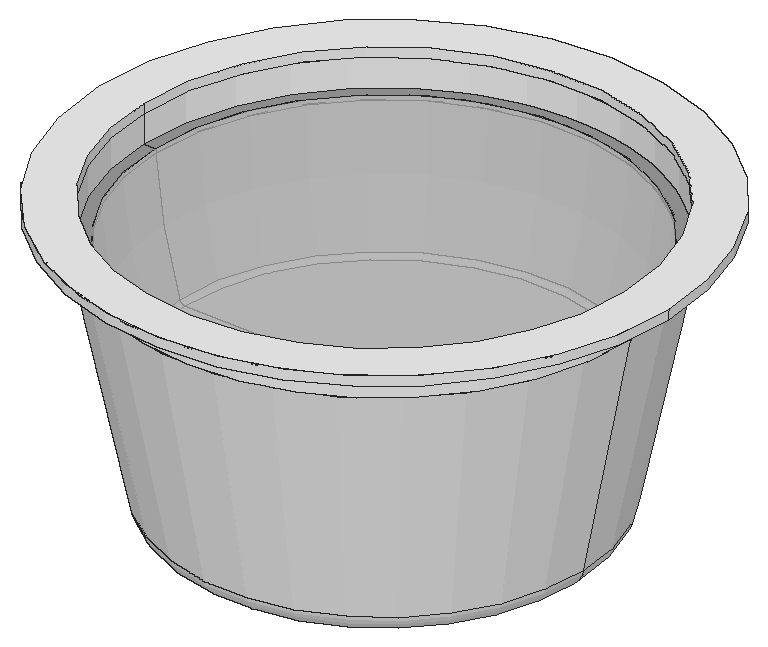
Revit family "2059212 Lighting Fixture_Sylvania_Ascent 100 Deco(160)-Very High Output_Ceiling Recessed", category Lighting Fixtures, host Face, Revit 2017
Family settings
  Host = Face
  Round Connector Dimension = Use Diameter
  Part Type = Normal
  OmniClass Number = 23.80.70.11.17
  OmniClass Title = Specialized Lighting by Location or Use
  Cut with Voids When Loaded = No
  Light Source = Yes
  Shared = No
  Room Calculation Point = No
Parameters (values of type "Asct100 Deco VHO 3K STDEMG 160")
  Reflector Radius = Radius - 14.5 mm  # 80.0 mm
  Reflector Material = Aluminium_Sylvania_Ascent_Silver
  Radius = 94.5 mm
  Life = "50 000h"  # constant formula
  IP Rating = "IP44"  # constant formula
  IK Rating = "IK02"  # constant formula
  Height = 94.0 mm
  Wattage = 1.47564 W
  built-in parameter 1150110 = 1 (stored number, unit not read)
  Voltage Comments = "UNV (Universal Voltage; 220-240 Volt)"  # constant formula
  Voltage = 240 V  # constant formula
  URL = "https://www.sylvania-lighting.com/"
  built-in parameter 1114217 = 1 (stored number, unit not read)
  Tilt Angle = -90°
  built-in parameter 1150109 = 1 (stored number, unit not read)
  built-in parameter 1150134 = (empty or 0)
  built-in parameter 1150113 = 1 (stored number, unit not read)
  Product Page URL = "https://www.sylvania-lighting.com/product/en-int/products/2059212"
  Product Family = "Ascent 100 Deco (160) - Very High Output"  # constant formula
  Photometry Comments = ""
  Photometric Web File = "2059212_Asct100DecoVHO3KSTDEMG160-190134.ies"
  Glow Wire Test = 850 °C
  Emit from Circle Diameter = 2 * Diffuser Radius  # 152.0 mm
  Emit Shape Visible in Rendering = no
  Drive Current = "1000mA"  # constant formula
  Diffuser Radius = Reflector Radius - 4.0 mm  # 76.0 mm
  Diffuser Material = Polycarbonate_Sylvania_Ascent_Clear
  Diameter = 2 * Radius  # 189.0 mm
  Cutout Diameter = Diameter - 11.0 mm  # 178.0 mm
  built-in parameter 1114216 [instance] = 1 (stored number, unit not read)
  Model = "Asct100 Deco VHO 3K STDEMG 160"
  Manufacturer = "Feilo-Sylvania Group"
  built-in parameter 1150105 = 74.656 (stored number, unit not read)
  Lumens = 159 lm
  built-in parameter 1150115 = 1 (stored number, unit not read)
  built-in parameter 1150137 = (empty or 0)
  built-in parameter 1150139 = (empty or 0)
  built-in parameter 1150112 = 1 (stored number, unit not read)
  built-in parameter 1150114 = 1 (stored number, unit not read)
  Lamp = "Integrated LED"
  built-in parameter 1150132 = 2
  built-in parameter 1150102 = (empty or 0)
  built-in parameter 1150107 = 3000 (stored number, unit not read)
  built-in parameter 1150138 = (empty or 0)
  built-in parameter 1150106 = 0.74656 (stored number, unit not read)
  Body Material = Aluminum_Sylvania_Ascent_White
  built-in parameter 1150104 = 10.01 (stored number, unit not read)
  Dimming Lamp Color Temperature Shift = <None>
  Description = "Direct LED retro fit for original LED 100 Deco (160) single CFL lamp offering Matching lumen levels and improved light distribution of original LED 100 CFL lamp equivalents Typically half the power consumption compared to CFL Up to 112lm/W 160mm aperture Decorative reflector accepts snap fit polycarbonate accessories from existing LED 100 Deco 160 offering New kometa accessory ring creates a diffused indirect halo of light onto the ceiling for decorative effect HE, HO and VHO versions equivalent of single 1 x 18W, 1 x 32W, 1 x 42W Additional VVHO versions which offer the performance circa 2 x 32W equivalent"  # constant formula
  Default Elevation = 0.0 mm
  Color Filter = 16777215
  Catalog Number = "2059212 Asct100 Deco VHO 3K STDEMG 160"
  built-in parameter 1140040 [instance] = 1
  built-in parameter 1114218 = 1 (stored number, unit not read)
  built-in parameter 1150133 = 10 (stored number, unit not read)
  Assembly Code = "D5020200"
  Apparent Load Comments = ""
  Apparent Load = 25 VA
  Aperture = 2 * Reflector Radius  # 160.0 mm
Reference planes
  plane 1 "Center (Front/Back)": y = 0
  plane 2: z = 0
  plane 3 "Center (Left/Right)": x = 0
  plane 4 "Fixture Bottom": z = 3
  plane 5: z = -53.5
  plane 6 "Fixture Top": z = -91
  plane 7: z = -9
  plane 8: z = -10.5
Forms (mm)
  Extrusion 1, solid, material "Aluminum_Sylvania_Ascent_White" <- "Body Material", detail levels fine
    sketch origin (0, 0, 0) x (1, 0, 0) y (0, 1, 0)
      loop
        circle (0, 0) r 94.5
      loop
        circle (0, 0) r 80
    from 0 to 3
  Extrusion 2, void
    sketch origin (0, 0, 0) x (1, 0, 0) y (0, 1, 0)
      loop
        circle (0, 0) r 89
    from -91 to 3
  Revolve 3, solid, material "Aluminum_Sylvania_Ascent_White" <- "Body Material", detail levels fine
    sketch origin (0, 0, 0) x (1, 0, 0) y (0, 0, 1)
      loop
        line (0, -89) -> (-58.456, -89)
        arc (-58.456, -89) -> (-62.232, -87.663) -> (-64.324, -84.247) r 6
        line (-64.324, -84.247) -> (-80, -10.5) -> (-80, 0) -> (-82.009, 0) -> (-82.009, -10.5) -> (-66.245, -84.663)
        arc (-66.245, -84.663) -> (-63.454, -89.217) -> (-58.42, -91) r 8
        line (-58.42, -91) -> (0, -91) -> (0, -89)
      axis (0, 0) -> (0, -91)
    angle from 0 to 360
  Revolve 4, solid, material "Aluminium_Sylvania_Ascent_Silver" <- "Reflector Material", detail levels fine
    sketch origin (0, 0, 0) x (1, 0, 0) y (0, 0, 1)
      loop
        line (-80, -9) -> (-80, -10.5) -> (-77, -10.5)
        arc (-77, -10.5) -> (-74.319, -31.239) -> (-68.971, -51.454) r 160.868
        arc (-68.971, -51.454) -> (-67.878, -52.935) -> (-66.127, -53.5) r 3
        line (-66.127, -53.5) -> (-58, -53.5)
        arc (-58, -53.5) -> (-56.855, -62.037) -> (-53.5, -69.971) r 32.394
        line (-53.5, -69.971) -> (0, -69.971) -> (0, -52.5) -> (-66.127, -52.5)
        arc (-66.127, -52.5) -> (-67.294, -52.124) -> (-68.023, -51.136) r 2
        arc (-68.023, -51.136) -> (-73.335, -31.062) -> (-76, -10.468) r 159.868
        line (-76, -10.468) -> (-76, -9) -> (-80, -9)
      axis (0, -9) -> (0, -69.971)
    angle from 0 to 360
  Extrusion 5, solid, material "Polycarbonate_Sylvania_Ascent_Clear" <- "Diffuser Material", detail levels fine
    sketch origin (0, 0, 0) x (1, 0, 0) y (0, 1, 0)
      loop
        circle (0, 0) r 76
    from -10.5 to -9
  Revolve 6, solid, material "Aluminum_Sylvania_Ascent_White" <- "Body Material", detail levels coarse+medium
    sketch origin (0, 0, 0) x (1, 0, 0) y (0, 0, 1)
      loop
        line (0, 3) -> (-94.5, 3) -> (-94.5, 0) -> (-82.009, 0) -> (-82.009, -10.5) -> (-66.245, -84.663)
        arc (-66.245, -84.663) -> (-63.454, -89.217) -> (-58.42, -91) r 8
        line (-58.42, -91) -> (0, -91) -> (0, 3)
      axis (0, 3) -> (0, -91)
    angle from 0 to 360
Cuts and joins
  joined: Extrusion 1, Revolve 3
Dimensions and locks
  plane 4 "Fixture Bottom" to plane 2 to plane 7 to plane 8 to plane 5 = 3.0 mm locked, 9.0 mm locked, 1.5 mm locked, 43.0 mm locked
  "Height": plane 4 "Fixture Bottom" to plane 6 "Fixture Top"
  "Reflector Radius": plane 3 "Center (Left/Right)" to Revolve 4 sketch curve
  "Reflector Radius": plane 3 "Center (Left/Right)" to Revolve 3 sketch curve
  locked: Revolve 3 sketch curve to Revolve 3 sketch curve at 2.009
  Revolve 4 sketch curve to Revolve 4 sketch curve = 4.0 mm
  Revolve 4 sketch curve to Revolve 4 sketch curve = 1.0 mm
  Revolve 4 sketch curve to Revolve 4 sketch curve to Revolve 4 sketch curve to Revolve 4 sketch curve to Revolve 4 sketch curve = 11.029 mm locked, 2.844 mm locked, 8.127 mm locked, 4.5 mm locked
  Revolve 3 sketch curve to Revolve 3 sketch curve to Revolve 3 sketch curve = 13.755 mm locked, 7.825 mm locked
  "Radius": plane 3 "Center (Left/Right)" to Revolve 6 sketch curve
  Revolve 6 sketch curve to Revolve 6 sketch curve to Revolve 6 sketch curve = 7.825 mm locked, 28.255 mm locked
  "Cutout Diameter": diameter of Extrusion 2 sketch curve
  "Reflector Radius": radius of Extrusion 1 sketch curve
  "Diffuser Radius": radius of Extrusion 5 sketch curve
  "Radius": radius of Extrusion 1 sketch curve
  aligned and locked: host face to plane 2
  aligned and locked: host face to level
  aligned and locked: plane 1 "Center (Front/Back)" to imposter light
  aligned and locked: plane 3 "Center (Left/Right)" to imposter light
  aligned and locked: plane 4 "Fixture Bottom" to Extrusion 1
  aligned and locked: Extrusion 1 to plane 2
  aligned and locked: Revolve 3 sketch curve to plane 3 "Center (Left/Right)"  (x2)
  aligned and locked: Revolve 4 sketch curve to plane 3 "Center (Left/Right)"  (x2)
  aligned and locked: plane 2 to Revolve 3 sketch curve
  aligned and locked: plane 6 "Fixture Top" to Extrusion 2
  aligned and locked: Revolve 3 sketch curve to plane 2
  aligned and locked: plane 8 to Revolve 3 sketch curve  (x2)
  aligned and locked: plane 7 to Revolve 4 sketch curve
  aligned and locked: Revolve 4 sketch curve to plane 8
  aligned and locked: imposter light to Extrusion 2
  aligned and locked: plane 7 to Extrusion 5
  aligned and locked: Extrusion 5 to plane 8
  aligned and locked: imposter light to plane 4 "Fixture Bottom"
  aligned and locked: Revolve 3 sketch curve to plane 6 "Fixture Top"
  aligned and locked: Revolve 6 sketch curve to plane 4 "Fixture Bottom"
Automatic sketch dimensions
  plane 1 "Center (Front/Back)" to Extrusion 2 sketch curve = 0.0 mm
  Extrusion 2 sketch curve to plane 3 "Center (Left/Right)" = 0.0 mm
  Extrusion 1 sketch curve to Extrusion 1 sketch curve = 0.0 mm  (x2)
  plane 1 "Center (Front/Back)" to Extrusion 1 sketch curve = 0.0 mm
  Extrusion 1 sketch curve to plane 3 "Center (Left/Right)" = 0.0 mm
  plane 1 "Center (Front/Back)" to Extrusion 5 sketch curve = 0.0 mm
  Extrusion 5 sketch curve to plane 3 "Center (Left/Right)" = 0.0 mm
  host sketch curve to host sketch curve = 1368.192 mm
  host sketch curve to host sketch curve = 1600.367 mm
  Revolve 4 sketch curve to plane 5 = 0.0 mm
  Revolve 4 sketch curve to plane 5 = 16.471 mm
  plane 8 to Revolve 4 sketch curve = 0.032 mm
  Revolve 4 sketch curve to Revolve 4 sketch curve = 0.0 mm  (x5)
  Revolve 4 sketch curve to level = 0.289 mm
  Revolve 4 sketch curve to Revolve 4 sketch curve = 2.387 mm
  plane 4 "Fixture Bottom" to Revolve 4 sketch curve = 9.642 mm
  Revolve 4 sketch curve to Revolve 4 sketch curve = 0.948 mm
  Revolve 3 sketch curve to plane 6 "Fixture Top" = 6.753 mm
  Revolve 3 sketch curve to plane 6 "Fixture Top" = 2.0 mm
  Revolve 3 sketch curve to plane 6 "Fixture Top" = 6.337 mm
  Revolve 3 sketch curve to Revolve 3 sketch curve = 1.921 mm
  Revolve 3 sketch curve to Revolve 3 sketch curve = 0.036 mm
  plane 6 "Fixture Top" to Revolve 3 sketch curve = 33.569 mm
  plane 4 "Fixture Bottom" to Revolve 3 sketch curve = 82.431 mm
  Revolve 6 sketch curve to plane 8 = 0.0 mm
  Revolve 6 sketch curve to plane 6 "Fixture Top" = 0.0 mm
  Revolve 6 sketch curve to plane 6 "Fixture Top" = 6.337 mm
  Revolve 6 sketch curve to plane 3 "Center (Left/Right)" = 0.0 mm
  Revolve 6 sketch curve to Revolve 6 sketch curve = 12.491 mm
  plane 6 "Fixture Top" to Revolve 6 sketch curve = 33.569 mm
  plane 4 "Fixture Bottom" to Revolve 6 sketch curve = 82.431 mm
  plane 3 "Center (Left/Right)" to Revolve 6 sketch curve = 0.0 mm
  Revolve 6 sketch curve to level = 0.0 mm
Connectors
  electrical at (0, 0, -91), driven by "Voltage", driven by "Apparent Load"
    settings: index 1, voltage 240 V, apparent load 0 VA, apparent load phase1 25 VA, apparent load phase2 0 VA, apparent load phase3 0 VA, power factor 1, load classification "Lighting", number of poles 1, system type 31, power factor state 1, is connector primary yes, connector utility no, sub classification motor no, connector description ""
